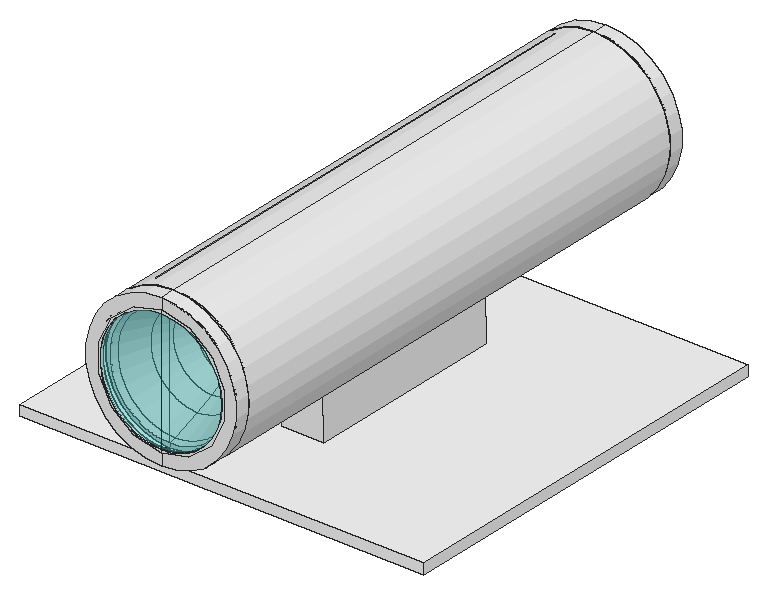
Revit family "BE_24009_de_DE", category Leuchten, Revit 2020
Family settings
  Basisbauteil = Fläche
  Bemaßung runder Anschluss = Durchmesser verwenden
  Teiletyp = Normal
  Beim Laden mit Abzugskörper schneiden = Ja
  Lichtquelle = Ja
  Gemeinsam genutzt = Nein
  Raumberechnungspunkt = Ja
Parameters (values of type "BEGA_24009_Weiß_K4")
  built-in parameter 1150104 = 14.316 (stored number, unit not read)
  Wattage = 36.2 W
  Default Elevation = 0 mm
  built-in parameter 1150113 = 1 (stored number, unit not read)
  built-in parameter 1114218 = 1 (stored number, unit not read)
  Umgebungstemperatur = "25 °C"
  URL = "https://www.bega.com/de/produkt/24009"
  Typenkommentare = "© 2022 BEGA. Wir behalten uns das Recht vor, technische Änderungen ohne vorherige Ankündigung vorzunehmen."  # constant formula
  Type Image = 24009.png
  built-in parameter 1150134 = 12
  built-in parameter 1150109 = 1 (stored number, unit not read)
  Strom = ""
  built-in parameter 1150110 = 1 (stored number, unit not read)
  Spannung = 239.996 V
  Sonderanfertigung = no
  Seriennummer [instance] = "Hier können Sie die eindeutige Seriennummer für das Facility Management eintragen."
  Schutzklasse = "I"
  Schutzart = "IP 65"
  Scheinlast = 0 VA
  Produktdatenblatt = "https://cdn.bega.com/bega/products/24009WK3/current/documents/data-sheets/de"
  Oberflächentemperatur = ""
  Neigungswinkel = 0.00°
  Modell = "24009WK4"
  Material_17 = BEGA_Reflektor
  Material_15 = BEGA_Leuchtmedium_matt
  Material_11 = BEGA_Glas_opal
  Material_09 = BEGA_Glas_klar
  Material_06 = BEGA_Oberfläche_Edelstahl_gebürstet
  Material_03 = BEGA_Oberfläche_Weiss_matt
  Material_02 = BEGA_Oberfläche_Silber_matt
  Material_01 [instance] = BEGA_Oberfläche_Grafit_matt
  M_W = yes
  M_G = no
  M_A = no
  Logo = 0
  built-in parameter 1114217 = 1 (stored number, unit not read)
  built-in parameter 1150139 = (empty or 0)
  built-in parameter 1150105 = 443.92 (stored number, unit not read)
  built-in parameter 1150114 = 1 (stored number, unit not read)
  Lumens = 5578.42 lm
  built-in parameter 1150115 = 1 (stored number, unit not read)
  Leuchtenlichtstrom = "3528 lm"
  Leuchtenanzahl = ""
  Lebensdauerkriterien = "L70B50 @ 25 °C = 170000 h"
  Lastklassifizierung = Beleuchtung
  built-in parameter 1150112 = 1 (stored number, unit not read)
  Lampenlichtstrom = "5580 lm"
  Lampe = "LED 36.2 W"
  LED_Modulbezeichnung = "2x LED-0814/840"
  built-in parameter 1150142 = (empty or 0)
  Hersteller = "BEGA"  # constant formula
  Halbstreuwinkel = ""
  Gewicht = "5.2 kg"
  Gebrauchslageneinschränkung [instance] = ""
  Frequenz = "0/50-60 Hz"
  Farbwiedergabeindex = "CRI > 80"
  Farbtemperaturverschiebung bei Dämpfen der Lampe = <Keine Auswahl>
  Farbtemperatur = "4000 K"
  Color Filter = 16777215
  built-in parameter 1150133 = 10 (stored number, unit not read)
  Energieeffizienzklasse = "LED A++ - A"
  built-in parameter 1150137 = (empty or 0)
  built-in parameter 1150132 = (empty or 0)
  ENEC = "ja"
  Dimmbar [instance] = "DALI"
  Datei für fotometrisches Netz = "BE_24009K4.IES"
  CE_Konformität = "ja"
  Bestellnummer = "24009WK4"
  Beschreibung_Sonderanfertigung = "Hier können Sie Informationen zur Sonderanfertigung eintragen."
  Beschreibung = "Wandleuchte"
  built-in parameter 1150106 = 4.4392 (stored number, unit not read)
  Befestigungsbohrung = "Ø 4,3 mm"
  Befestigungsabstand = "160 x 14 mm"
  Ballwurfsicher = ""
  BEGA_Intern_aus = yes
  BEGA_Intern_an = yes
  BEGA_Intern_Konstruktion = yes
  BEGA_Intern = yes
  BEGA_IES = yes
  BEGA_Dummy = no
  Anschlussleitung = ""
  Anschlussleistung [instance] = "40 W"
  Anschlusskasten = ""
  built-in parameter 1150107 = 4000 (stored number, unit not read)
  built-in parameter 1150102 = (empty or 0)
  built-in parameter 1150138 = (empty or 0)
  Aktualisierung = "2022-05-18T04:00:07"
  Abstand_zur_angestrahlten_Fläche [instance] = ""
  AC/DC = "AC/DC"
Types (6, lengths in mm): name | built-in parameter 1150104 | built-in parameter 1150134 | Modell | M_W | M_G | M_A | built-in parameter 1150105 | Lumens | Leuchtenlichtstrom | Lampenlichtstrom | LED_Modulbezeichnung | Farbtemperatur | Datei für fotometrisches Netz | Bestellnummer | built-in parameter 1150106 | built-in parameter 1150107
  BEGA_24009_Weiß_K3 | 13.397 (stored number, unit not read) | (empty or 0) | "24009WK3" | yes | no | no | 415.4 (stored number, unit not read) | 5220.04 lm | "3300 lm" | "5220 lm" | "2x LED-0814/830" | "3000 K" | "BE_24009K3.IES" | "24009WK3" | 4.154 (stored number, unit not read) | 3000 (stored number, unit not read)
  BEGA_24009_Grafit_K4 | 14.316 (stored number, unit not read) | 12 | "24009K4" | no | yes | no | 443.92 (stored number, unit not read) | 5578.42 lm | "3528 lm" | "5580 lm" | "2x LED-0814/840" | "4000 K" | "BE_24009K4.IES" | "24009K4" | 4.4392 (stored number, unit not read) | 4000 (stored number, unit not read)
  BEGA_24009_Silber_K4 | 14.316 (stored number, unit not read) | 12 | "24009AK4" | no | no | yes | 443.92 (stored number, unit not read) | 5578.42 lm | "3528 lm" | "5580 lm" | "2x LED-0814/840" | "4000 K" | "BE_24009K4.IES" | "24009AK4" | 4.4392 (stored number, unit not read) | 4000 (stored number, unit not read)
  BEGA_24009_Silber_K3 | 13.397 (stored number, unit not read) | (empty or 0) | "24009AK3" | no | no | yes | 415.4 (stored number, unit not read) | 5220.04 lm | "3300 lm" | "5220 lm" | "2x LED-0814/830" | "3000 K" | "BE_24009K3.IES" | "24009AK3" | 4.154 (stored number, unit not read) | 3000 (stored number, unit not read)
  BEGA_24009_Grafit_K3 | 13.397 (stored number, unit not read) | (empty or 0) | "24009K3" | no | yes | no | 415.4 (stored number, unit not read) | 5220.04 lm | "3300 lm" | "5220 lm" | "2x LED-0814/830" | "3000 K" | "BE_24009K3.IES" | "24009K3" | 4.154 (stored number, unit not read) | 3000 (stored number, unit not read)
  BEGA_24009_Weiß_K4 | 14.316 (stored number, unit not read) | 12 | "24009WK4" | yes | no | no | 443.92 (stored number, unit not read) | 5578.42 lm | "3528 lm" | "5580 lm" | "2x LED-0814/840" | "4000 K" | "BE_24009K4.IES" | "24009WK4" | 4.4392 (stored number, unit not read) | 4000 (stored number, unit not read)
Reference planes
  plane 1 "Mitte (Vorne/Hinten)": y = 0
  plane 2: z = 0
  plane 3 "Mitte (Links/Rechts)": x = 0
  plane 4 "Links": x = -75
  plane 5 "Rechts": x = 75
  plane 6 "Unten": y = -275
  plane 7 "Oben": y = 275
  plane 8 "Vorne": z = 198.501
  plane 9 "Hinten": z = 0
Forms (mm)
  Extrusion 1, solid, material "BEGA_Platte_Weiss"
    sketch origin (0, -1119.2, 0) x (1, 0, 0) y (0, 1, 0)
      loop
        line (-200, 1319.2) -> (-200, 919.2) -> (200, 919.2) -> (200, 1319.2) -> (-200, 1319.2)
    from 0 to -10
  Extrusion 2, solid, material "BEGA_Dummy_matt", visible <- "BEGA_Dummy"
    sketch origin (80.095, -76.023, 0) x (1, 0, 0) y (0, 1, 0)
      loop
        line (-155.095, 351.023) -> (-155.095, -198.977) -> (-5.095, -198.977) -> (-5.095, 351.023) -> (-155.095, 351.023)
    from 0 to 198.501
Dimensions and locks
  plane 1 "Mitte (Vorne/Hinten)" to Extrusion 1 = 200 mm
  aligned and locked: plane 2 to Extrusion 1
  aligned and locked: level to Extrusion 1
Nested families
  nested 1: "BE_24009_Wandleuchte" at (0, 0, 0), type "BE_24009_Wandleuchte"
    with Neigungswinkel_um_Y2 0.00°, Neigungswinkel_um_Y1 0.00°, Neigungswinkel_um_X2 0.00°, Neigungswinkel_um_X1 0.00°, Drehwinkel_um_Z2 0.00°, Drehwinkel_um_Z1 0.00°, BEGA_Neigng_Y2 0.00°, BEGA_Neigng_Y1 0.00°, BEGA_Neigng_X2 0.00°, BEGA_Neigng_X1 0.00°, BEGA_Infotext_Winkel no
Connectors
  electrical at (0, 0, 0), driven by "Lastklassifizierung", driven by "Spannung", driven by "Scheinlast"
    settings: index 1, voltage 239.996 V, apparent load 0 VA, apparent load phase1 0 VA, apparent load phase2 0 VA, apparent load phase3 0 VA, power factor 1, load classification "Beleuchtung", number of poles 1, system type 31, power factor state 1, is connector primary yes, connector utility no, sub classification motor no, connector description ""
Definition of nested family "BE_24009_Wandleuchte"
  Parameters (values of type "BE_24009_Wandleuchte")
    Material_03 = none
    Material_02 = none
    M_W = yes
    M_G = yes
    M_A = yes
    Default Elevation = 1 mm
    URL = "http://www.bega.de/de/produkt"
    Type Comments = "© 2015 BEGA. Wir behalten uns das Recht vor, technische Änderungen ohne vorherige Ankündigung vorzunehmen. "  # constant formula
    Type Image = element 69302
    Neigungswinkel_um_Y2 [instance] = 0.00°
    Neigungswinkel_um_Y1 [instance] = 0.00°
    Neigungswinkel_um_X2 [instance] = 0.00°
    Neigungswinkel_um_X1 [instance] = 0.00°
    Material_17 = none
    Material_15 = none
    Material_09 = none
    Material_01 = none
    Länge_Platte = 200 mm  # constant formula
    Höhe_Platte = -10 mm  # constant formula
    Manufacturer = "BEGA"  # constant formula
    Drehwinkel_um_Z2 [instance] = 0.00°
    Drehwinkel_um_Z1 [instance] = 0.00°
    Breite_Platte = 200 mm  # constant formula
    BEGA_Neigng_Y2 [instance] = if(Neigungswinkel_um_Y2 < -30.00°, -30.00°, if(Neigungswinkel_um_Y2 > 30.00°, 30.00°, Neigungswinkel_um_Y2))  # 0.00°
    BEGA_Neigng_Y1 [instance] = if(Neigungswinkel_um_X2 < -30.00°, -30.00°, if(Neigungswinkel_um_X2 > 30.00°, 30.00°, Neigungswinkel_um_X2))  # 0.00°
    BEGA_Neigng_X2 [instance] = if(Neigungswinkel_um_Y1 < -30.00°, -30.00°, if(Neigungswinkel_um_Y1 > 30.00°, 30.00°, Neigungswinkel_um_Y1))  # 0.00°
    BEGA_Neigng_X1 [instance] = if(Neigungswinkel_um_X1 < -30.00°, -30.00°, if(Neigungswinkel_um_X1 > 30.00°, 30.00°, Neigungswinkel_um_X1))  # 0.00°
    BEGA_Infotext_Winkel [instance] = if(or(Neigungswinkel_um_X1 < -30.00°, Neigungswinkel_um_X1 > 30.00°, Neigungswinkel_um_X2 < -30.00°, Neigungswinkel_um_X2 > 30.00°, Neigungswinkel_um_Y1 < -30.00°, Neigungswinkel_um_Y1 > 30.00°, Neigungswinkel_um_Y2 < -30.00°, Neigungswinkel_um_Y2 > 30.00°), 1 < 2, 1 > 2)  # no
    Aktualisierung = "Stand: 25.03.2015"  # constant formula
  Reference planes
    plane 1 "Mitte (Vorne/Hinten)": y = 0
    plane 2: z = 0
    plane 3 "Mitte (Links/Rechts)": x = 0
    plane 4 "Befestigung Links": x = -75
    plane 5 "Befestigung Rechts": x = 75
    plane 6: z = 198.501
    plane 7: y = 275
    plane 8: y = -275
  Forms (mm)
    Extrusion 1, solid, detail levels medium
      sketch origin (0, 0, 0) x (1, 0, 0) y (0, 1, 0)
        loop
          line (-100, 100) -> (-100, -100) -> (100, -100) -> (100, 100) -> (-100, 100)
      from 0 to -10 <- "Höhe_Platte"
    Extrusion 2, solid, material <- "Material_01", visible <- "M_G", detail levels medium+fine
      sketch origin (0, 0, 0) x (1, 0, 0) y (0, 0, 1)
        loop
          line (20.847, 0) -> (20, 48.5) -> (17.678, 50.822)
          arc (17.678, 50.822) -> (16.556, 49.768) -> (15.372, 48.785) r 25
          arc (15.372, 48.785) -> (0.121, 43.5) -> (-15.18, 48.636) r 25
          arc (-15.18, 48.636) -> (-16.465, 49.688) -> (-17.678, 50.822) r 25
          line (-17.678, 50.822) -> (-20, 48.5) -> (-20.847, 0) -> (20.847, 0)
      from -100 to 100
    Extrusion 3, void
      sketch origin (0, 0, 0) x (1, 0, 0) y (0, 1, 0)
        loop
          line (-15.384, 71.433) -> (-15.384, -71.433) -> (15.384, -71.433) -> (15.384, 71.433) -> (-15.384, 71.433)
      from 0 to 11.465
    Extrusion 4, void
      sketch origin (0, 0, 0) x (0, 1, 0) y (0, 0, 1)
        loop
          line (87.516, 43) -> (-87.53, 43) -> (-86.5, 13.501) -> (86.501, 13.501) -> (87.516, 43)
      from -13.32 to 13.455
    Extrusion 5, void
      sketch origin (0, 0, 0) x (1, 0, 0) y (0, 1, 0)
        loop
          circle (7, -80) r 2.65
        loop
          circle (-7, 80) r 2.65
      from 0 to 13.5
    Extrusion 6, void
      sketch origin (0, 0, 0) x (1, 0, 0) y (0, 1, 0)
        loop
          circle (-7, 80) r 5.5
        loop
          circle (7, -80) r 5.5
      from 3.965 to 13.5
    Extrusion 7, void
      sketch origin (0, 0, 0) x (1, 0, 0) y (0, 1, 0)
        loop
          circle (0, 57.191) r 8.5
        loop
          circle (0, 24) r 8.5
      from 11.465 to 13.5
    Revolve 8, solid, material <- "Material_09", detail levels medium+fine
      sketch origin (0, 0, 0) x (0, 1, 0) y (0, 0, 1)
        loop
          line (275, 183.75) -> (271.6, 183.75)
          arc (271.6, 183.75) -> (270.893, 184.043) -> (270.6, 184.75) r 1
          line (270.6, 184.75) -> (270.6, 186.5) -> (265, 186.5) -> (265, 123.5) -> (275, 123.5) -> (275, 183.75)
        axis (265, 123.5) -> (275, 123.5)
      angle from 0 to 360
    Revolve 9, solid, material <- "Material_09", detail levels medium+fine
      sketch origin (0, 0, 0) x (0, -1, 0) y (0, 0, 1)
        loop
          line (275, 183.75) -> (271.6, 183.75)
          arc (271.6, 183.75) -> (270.893, 184.043) -> (270.6, 184.75) r 1
          line (270.6, 184.75) -> (270.6, 186.5) -> (265, 186.5) -> (265, 123.5) -> (275, 123.5) -> (275, 183.75)
        axis (265, 123.5) -> (275, 123.5)
      angle from 0 to 360
    Revolve 10, solid, material <- "Material_17", detail levels medium+fine
      sketch origin (0, 0, 0) x (0, 1, 0) y (0, 0, 1)
        loop
          line (265, 186) -> (264.049, 186) -> (264.049, 182.473) -> (260.255, 181.254) -> (256.361, 179.975) -> (252.273, 178.601)
          arc (252.273, 178.601) -> (242.585, 175.21) -> (232.984, 171.58) r 415.451
          arc (232.984, 171.58) -> (223.952, 167.893) -> (215.025, 163.957) r 352.808
          arc (215.025, 163.957) -> (207.113, 160.105) -> (199.394, 155.877) r 183.326
          arc (199.394, 155.877) -> (192.689, 151.678) -> (186.287, 147.03) r 115.244
          line (186.287, 147.03) -> (184.433, 145.509) -> (183.295, 132.5) -> (184.287, 132.5) -> (185.441, 145.689) -> (186.279, 146.38)
          arc (186.279, 146.38) -> (190.512, 149.635) -> (194.96, 152.59) r 77.455
          arc (194.96, 152.59) -> (203.676, 157.658) -> (212.638, 162.279) r 199.056
          arc (212.638, 162.279) -> (221.523, 166.362) -> (230.564, 170.089) r 245.73
          arc (230.564, 170.089) -> (244.47, 175.299) -> (258.504, 180.156) r 587.618
          arc (258.504, 180.156) -> (261.749, 181.212) -> (265, 182.25) r 642.587
          line (265, 182.25) -> (265, 186)
        axis (183.295, 123.5) -> (265, 123.5)
      angle from 0 to 360
    Revolve 11, solid, material <- "Material_17", detail levels medium+fine
      sketch origin (0, 0, 0) x (0, -1, 0) y (0, 0, 1)
        loop
          line (265, 186) -> (264.049, 186) -> (264.049, 182.473) -> (260.255, 181.254) -> (256.361, 179.975) -> (252.273, 178.601)
          arc (252.273, 178.601) -> (242.585, 175.21) -> (232.984, 171.58) r 415.451
          arc (232.984, 171.58) -> (223.952, 167.893) -> (215.025, 163.957) r 352.808
          arc (215.025, 163.957) -> (207.113, 160.105) -> (199.394, 155.877) r 183.326
          arc (199.394, 155.877) -> (192.689, 151.678) -> (186.287, 147.03) r 115.244
          line (186.287, 147.03) -> (184.433, 145.509) -> (183.295, 132.5) -> (184.287, 132.5) -> (185.441, 145.689) -> (186.279, 146.38)
          arc (186.279, 146.38) -> (190.512, 149.635) -> (194.96, 152.59) r 77.455
          arc (194.96, 152.59) -> (203.676, 157.658) -> (212.638, 162.279) r 199.056
          arc (212.638, 162.279) -> (221.523, 166.362) -> (230.564, 170.089) r 245.73
          arc (230.564, 170.089) -> (244.47, 175.299) -> (258.504, 180.156) r 587.618
          arc (258.504, 180.156) -> (261.749, 181.212) -> (265, 182.25) r 642.587
          line (265, 182.25) -> (265, 186)
        axis (183.295, 123.5) -> (265, 123.5)
      angle from 0 to 360
    Revolve 12, solid, material <- "Material_15", detail levels medium+fine
      sketch origin (0, 0, 0) x (0, 1, 0) y (0, 0, 1)
        loop
          line (184.287, 123.5) -> (184.287, 132.5) -> (183.295, 132.5) -> (183.295, 123.5) -> (184.287, 123.5)
        axis (183.295, 123.5) -> (184.295, 123.5)
      angle from 0 to 360
    Revolve 13, solid, material <- "Material_15", detail levels medium+fine
      sketch origin (0, 0, 0) x (0, -1, 0) y (0, 0, 1)
        loop
          line (184.287, 123.5) -> (184.287, 132.5) -> (183.295, 132.5) -> (183.295, 123.5) -> (184.287, 123.5)
        axis (183.295, 123.5) -> (184.295, 123.5)
      angle from 0 to 360
    Revolve 14, solid, material <- "Material_01", visible <- "M_G", detail levels medium+fine
      sketch origin (0, 0, 0) x (0, 1, 0) y (0, 0, 1)
        loop
          line (275, 198.256) -> (261, 198.5) -> (261, 196.8) -> (263, 196.765) -> (263, 194.922) -> (270, 194.8) -> (270, 188.535) -> (272, 188.5) -> (272, 184.262) -> (275, 184) -> (275, 186.8) -> (275, 198.256)
        axis (261, 123.5) -> (275, 123.5)
      angle from 0 to 360
    Revolve 15, solid, material <- "Material_01", visible <- "M_G", detail levels medium+fine
      sketch origin (0, 0, 0) x (0, -1, 0) y (0, 0, 1)
        loop
          line (275, 198.256) -> (261, 198.5) -> (261, 196.8) -> (263, 196.765) -> (263, 194.922) -> (270, 194.8) -> (270, 188.535) -> (272, 188.5) -> (272, 184.262) -> (275, 184) -> (275, 186.8) -> (275, 198.256)
        axis (261, 123.5) -> (275, 123.5)
      angle from 0 to 360
    Revolve 16, solid, material <- "Material_01", visible <- "M_G", detail levels medium+fine
      sketch origin (0, 0, 0) x (0, 1, 0) y (0, 0, 1)
        loop
          line (-259.5, 198.5) -> (-259.5, 196.25) -> (-263, 196.25) -> (-263, 194.5) -> (263, 194.5) -> (263, 196.25) -> (259.5, 196.25) -> (259.5, 198.5) -> (-259.5, 198.5)
        axis (-263, 123.5) -> (263, 123.5)
      angle from 0 to 360
    Extrusion 17, solid, material <- "Material_02", visible <- "M_A", detail levels medium+fine
      sketch origin (0, 0, 0) x (1, 0, 0) y (0, 0, 1)
        loop
          line (20.847, 0) -> (20, 48.5) -> (17.678, 50.822)
          arc (17.678, 50.822) -> (16.556, 49.768) -> (15.372, 48.785) r 25
          arc (15.372, 48.785) -> (0.121, 43.5) -> (-15.18, 48.636) r 25
          arc (-15.18, 48.636) -> (-16.465, 49.688) -> (-17.678, 50.822) r 25
          line (-17.678, 50.822) -> (-20, 48.5) -> (-20.847, 0) -> (20.847, 0)
      from -100 to 100
    Revolve 18, solid, material <- "Material_02", visible <- "M_A", detail levels medium+fine
      sketch origin (0, 0, 0) x (0, 1, 0) y (0, 0, 1)
        loop
          line (275, 198.256) -> (261, 198.5) -> (261, 196.8) -> (263, 196.765) -> (263, 194.922) -> (270, 194.8) -> (270, 188.535) -> (272, 188.5) -> (272, 184.262) -> (275, 184) -> (275, 186.8) -> (275, 198.256)
        axis (261, 123.5) -> (275, 123.5)
      angle from 0 to 360
    Revolve 19, solid, material <- "Material_02", visible <- "M_A", detail levels medium+fine
      sketch origin (0, 0, 0) x (0, -1, 0) y (0, 0, 1)
        loop
          line (275, 198.256) -> (261, 198.5) -> (261, 196.8) -> (263, 196.765) -> (263, 194.922) -> (270, 194.8) -> (270, 188.535) -> (272, 188.5) -> (272, 184.262) -> (275, 184) -> (275, 186.8) -> (275, 198.256)
        axis (261, 123.5) -> (275, 123.5)
      angle from 0 to 360
    Revolve 20, solid, material <- "Material_02", visible <- "M_A", detail levels medium+fine
      sketch origin (0, 0, 0) x (0, 1, 0) y (0, 0, 1)
        loop
          line (-259.5, 198.5) -> (-259.5, 196.25) -> (-263, 196.25) -> (-263, 194.5) -> (263, 194.5) -> (263, 196.25) -> (259.5, 196.25) -> (259.5, 198.5) -> (-259.5, 198.5)
        axis (-263, 123.5) -> (263, 123.5)
      angle from 0 to 360
    Extrusion 21, solid, material <- "Material_03", visible <- "M_W", detail levels medium+fine
      sketch origin (0, 0, 0) x (1, 0, 0) y (0, 0, 1)
        loop
          line (20.847, 0) -> (20, 48.5) -> (17.678, 50.822)
          arc (17.678, 50.822) -> (16.556, 49.768) -> (15.372, 48.785) r 25
          arc (15.372, 48.785) -> (0.121, 43.5) -> (-15.18, 48.636) r 25
          arc (-15.18, 48.636) -> (-16.465, 49.688) -> (-17.678, 50.822) r 25
          line (-17.678, 50.822) -> (-20, 48.5) -> (-20.847, 0) -> (20.847, 0)
      from -100 to 100
    Revolve 22, solid, material <- "Material_03", visible <- "M_W", detail levels medium+fine
      sketch origin (0, 0, 0) x (0, 1, 0) y (0, 0, 1)
        loop
          line (275, 198.256) -> (261, 198.5) -> (261, 196.8) -> (263, 196.765) -> (263, 194.922) -> (270, 194.8) -> (270, 188.535) -> (272, 188.5) -> (272, 184.262) -> (275, 184) -> (275, 186.8) -> (275, 198.256)
        axis (261, 123.5) -> (275, 123.5)
      angle from 0 to 360
    Revolve 23, solid, material <- "Material_03", visible <- "M_W", detail levels medium+fine
      sketch origin (0, 0, 0) x (0, -1, 0) y (0, 0, 1)
        loop
          line (275, 198.256) -> (261, 198.5) -> (261, 196.8) -> (263, 196.765) -> (263, 194.922) -> (270, 194.8) -> (270, 188.535) -> (272, 188.5) -> (272, 184.262) -> (275, 184) -> (275, 186.8) -> (275, 198.256)
        axis (261, 123.5) -> (275, 123.5)
      angle from 0 to 360
    Revolve 24, solid, material <- "Material_03", visible <- "M_W", detail levels medium+fine
      sketch origin (0, 0, 0) x (0, 1, 0) y (0, 0, 1)
        loop
          line (-259.5, 198.5) -> (-259.5, 196.25) -> (-263, 196.25) -> (-263, 194.5) -> (263, 194.5) -> (263, 196.25) -> (259.5, 196.25) -> (259.5, 198.5) -> (-259.5, 198.5)
        axis (-263, 123.5) -> (263, 123.5)
      angle from 0 to 360
  Cuts and joins
    Extrusion 3, Extrusion 4, Extrusion 5, Extrusion 6, Extrusion 7 cuts Extrusion 2
    joined: Revolve 14, Revolve 15
    joined: Revolve 10, Revolve 11
    joined: Revolve 8, Revolve 9
    joined: Revolve 12, Revolve 13
    Extrusion 3, Extrusion 5 cuts Extrusion 17
    Extrusion 3, Extrusion 5 cuts Extrusion 21
  Dimensions and locks
    equal spacing: Extrusion 1 sketch curve, plane 3 "Mitte (Links/Rechts)", Extrusion 1 sketch curve
    equal spacing: Extrusion 1 sketch curve, plane 1 "Mitte (Vorne/Hinten)", Extrusion 1 sketch curve
    "Länge_Platte": Extrusion 1 sketch curve to Extrusion 1 sketch curve
    "Breite_Platte": Extrusion 1 sketch curve to Extrusion 1 sketch curve
    plane 1 "Mitte (Vorne/Hinten)" to Extrusion 1 = 100 mm  (x3)
    aligned and locked: Extrusion 1 to plane 2
    aligned and locked: Extrusion 1 to level
  Automatic sketch dimensions
    Extrusion 2 sketch curve to Extrusion 2 sketch curve = 0 mm  (x7)
    Extrusion 2 sketch curve to level = 0 mm
    Extrusion 2 sketch curve to plane 3 "Mitte (Links/Rechts)" = 0 mm
    Extrusion 2 sketch curve to plane 3 "Mitte (Links/Rechts)" = 17.678 mm
    Extrusion 2 sketch curve to Extrusion 2 sketch curve = 2.322 mm  (x3)
    Extrusion 2 sketch curve to plane 3 "Mitte (Links/Rechts)" = 20.847 mm
    plane 3 "Mitte (Links/Rechts)" to Extrusion 2 sketch curve = 17.678 mm
    plane 3 "Mitte (Links/Rechts)" to Extrusion 2 sketch curve = 20.847 mm
    level to Extrusion 2 sketch curve = 48.5 mm
    Extrusion 2 sketch curve to Extrusion 2 sketch curve = 17.678 mm
    Extrusion 2 sketch curve to Extrusion 2 sketch curve = 2.498 mm
    Extrusion 2 sketch curve to Extrusion 2 sketch curve = 2.306 mm
    Extrusion 3 sketch curve to plane 3 "Mitte (Links/Rechts)" = 15.384 mm
    plane 3 "Mitte (Links/Rechts)" to Extrusion 3 sketch curve = 15.384 mm
    plane 1 "Mitte (Vorne/Hinten)" to Extrusion 3 sketch curve = 71.433 mm
    Extrusion 3 sketch curve to plane 1 "Mitte (Vorne/Hinten)" = 71.433 mm
    level to Extrusion 4 sketch curve = 13.501 mm
    Extrusion 4 sketch curve to Extrusion 4 sketch curve = 1.03 mm
    Extrusion 4 sketch curve to Extrusion 4 sketch curve = 1.014 mm
    Extrusion 4 sketch curve to Extrusion 4 sketch curve = 29.499 mm
    Extrusion 5 sketch curve to plane 3 "Mitte (Links/Rechts)" = 7 mm
    plane 3 "Mitte (Links/Rechts)" to Extrusion 5 sketch curve = 7 mm
    Extrusion 6 sketch curve to plane 3 "Mitte (Links/Rechts)" = 7 mm
    plane 3 "Mitte (Links/Rechts)" to Extrusion 6 sketch curve = 7 mm
    Extrusion 7 sketch curve to plane 3 "Mitte (Links/Rechts)" = 0 mm  (x2)
    Extrusion 7 sketch curve to plane 1 "Mitte (Vorne/Hinten)" = 24 mm
    Extrusion 7 sketch curve to Extrusion 7 sketch curve = 33.19 mm
    Revolve 8 sketch curve to Revolve 8 sketch curve = 5.6 mm
    Revolve 8 sketch curve to Revolve 8 sketch curve = 1 mm
    Revolve 8 sketch curve to Revolve 8 sketch curve = 10 mm
    Revolve 8 sketch curve to Revolve 8 sketch curve = 1.75 mm
    Revolve 8 sketch curve to Revolve 8 sketch curve = 12.5 mm
    Revolve 8 sketch curve to Revolve 8 sketch curve = 0 mm
    Revolve 9 sketch curve to Revolve 9 sketch curve = 5.6 mm
    Revolve 9 sketch curve to Revolve 9 sketch curve = 1 mm
    Revolve 9 sketch curve to Revolve 9 sketch curve = 10 mm
    Revolve 9 sketch curve to Revolve 9 sketch curve = 1.75 mm
    Revolve 9 sketch curve to Revolve 9 sketch curve = 12.5 mm
    Revolve 9 sketch curve to Revolve 9 sketch curve = 0 mm
    Revolve 10 sketch curve to Revolve 10 sketch curve = 0.992 mm
    Revolve 10 sketch curve to Revolve 10 sketch curve = 0.146 mm
    Revolve 10 sketch curve to Revolve 10 sketch curve = 1.008 mm
    Revolve 10 sketch curve to Revolve 10 sketch curve = 0.838 mm
    Revolve 10 sketch curve to Revolve 10 sketch curve = 0.008 mm
    Revolve 10 sketch curve to Revolve 10 sketch curve = 4.089 mm
    Revolve 10 sketch curve to Revolve 10 sketch curve = 21.588 mm
    Revolve 10 sketch curve to Revolve 10 sketch curve = 3.893 mm
    Revolve 10 sketch curve to Revolve 10 sketch curve = 3.794 mm
    Revolve 10 sketch curve to Revolve 10 sketch curve = 0.951 mm
    Revolve 10 sketch curve to level = 2.75 mm
    Revolve 10 sketch curve to Revolve 10 sketch curve = 34.129 mm
    Revolve 10 sketch curve to Revolve 10 sketch curve = 8.05 mm
    Revolve 10 sketch curve to Revolve 10 sketch curve = 20.331 mm
    Revolve 10 sketch curve to Revolve 10 sketch curve = 42.129 mm
    Revolve 10 sketch curve to Revolve 10 sketch curve = 22.873 mm
    Revolve 10 sketch curve to Revolve 10 sketch curve = 58.981 mm
    Revolve 10 sketch curve to Revolve 10 sketch curve = 15.209 mm
    Revolve 10 sketch curve to Revolve 10 sketch curve = 58.318 mm
    Revolve 10 sketch curve to Revolve 10 sketch curve = 162.342 mm
    Revolve 10 sketch curve to Revolve 10 sketch curve = 52.866 mm
    Revolve 10 sketch curve to Revolve 10 sketch curve = 14.15 mm
    level to Revolve 10 sketch curve = 56.159 mm
    Revolve 10 sketch curve to Revolve 10 sketch curve = 30.48 mm
    Revolve 10 sketch curve to Revolve 10 sketch curve = 39.08 mm
    Revolve 10 sketch curve to Revolve 10 sketch curve = 13.009 mm
    Revolve 10 sketch curve to Revolve 10 sketch curve = 0.18 mm
    Revolve 10 sketch curve to Revolve 10 sketch curve = 0.691 mm
    Revolve 10 sketch curve to Revolve 10 sketch curve = 0.649 mm
    Revolve 10 sketch curve to Revolve 10 sketch curve = 0.996 mm
    Revolve 10 sketch curve to Revolve 10 sketch curve = 0.223 mm
    Revolve 10 sketch curve to Revolve 10 sketch curve = 3.527 mm
    Revolve 10 sketch curve to Revolve 10 sketch curve = 0 mm  (x5)
    Revolve 10 sketch curve to Revolve 10 sketch curve = 16.923 mm
    Revolve 11 sketch curve to Revolve 11 sketch curve = 0.992 mm
    Revolve 11 sketch curve to Revolve 11 sketch curve = 0.146 mm
    Revolve 11 sketch curve to Revolve 11 sketch curve = 1.008 mm
    Revolve 11 sketch curve to Revolve 11 sketch curve = 0.838 mm
    Revolve 11 sketch curve to Revolve 11 sketch curve = 0.008 mm
    Revolve 11 sketch curve to Revolve 11 sketch curve = 4.089 mm
    Revolve 11 sketch curve to Revolve 11 sketch curve = 21.588 mm
    Revolve 11 sketch curve to Revolve 11 sketch curve = 3.893 mm
    Revolve 11 sketch curve to Revolve 11 sketch curve = 3.794 mm
    Revolve 11 sketch curve to Revolve 11 sketch curve = 0.951 mm
    level to Revolve 11 sketch curve = 2.75 mm
    Revolve 11 sketch curve to Revolve 11 sketch curve = 34.129 mm
    Revolve 11 sketch curve to Revolve 11 sketch curve = 8.05 mm
    Revolve 11 sketch curve to Revolve 11 sketch curve = 20.331 mm
    Revolve 11 sketch curve to Revolve 11 sketch curve = 42.129 mm
    Revolve 11 sketch curve to Revolve 11 sketch curve = 22.873 mm
    Revolve 11 sketch curve to Revolve 11 sketch curve = 58.981 mm
    Revolve 11 sketch curve to Revolve 11 sketch curve = 15.209 mm
    Revolve 11 sketch curve to Revolve 11 sketch curve = 58.318 mm
    Revolve 11 sketch curve to Revolve 11 sketch curve = 162.342 mm
    Revolve 11 sketch curve to Revolve 11 sketch curve = 52.866 mm
    Revolve 11 sketch curve to Revolve 11 sketch curve = 14.15 mm
    Revolve 11 sketch curve to level = 56.159 mm
    Revolve 11 sketch curve to Revolve 11 sketch curve = 30.48 mm
    Revolve 11 sketch curve to Revolve 11 sketch curve = 39.08 mm
    Revolve 11 sketch curve to Revolve 11 sketch curve = 13.009 mm
    Revolve 11 sketch curve to Revolve 11 sketch curve = 0.18 mm
    Revolve 11 sketch curve to Revolve 11 sketch curve = 0.691 mm
    Revolve 11 sketch curve to Revolve 11 sketch curve = 0.649 mm
    Revolve 11 sketch curve to Revolve 11 sketch curve = 0.996 mm
    Revolve 11 sketch curve to Revolve 11 sketch curve = 0.223 mm
    Revolve 11 sketch curve to Revolve 11 sketch curve = 3.527 mm
    Revolve 11 sketch curve to Revolve 11 sketch curve = 0 mm  (x5)
    Revolve 11 sketch curve to Revolve 11 sketch curve = 16.923 mm
    Revolve 12 sketch curve to Revolve 12 sketch curve = 0.992 mm
    Revolve 12 sketch curve to Revolve 12 sketch curve = 0 mm
    Revolve 12 sketch curve to Revolve 12 sketch curve = 9 mm
    Revolve 13 sketch curve to Revolve 13 sketch curve = 0.992 mm
    Revolve 13 sketch curve to Revolve 13 sketch curve = 9 mm
    Revolve 14 sketch curve to Revolve 14 sketch curve = 2 mm  (x2)
    Revolve 14 sketch curve to Revolve 14 sketch curve = 7 mm
    Revolve 14 sketch curve to Revolve 14 sketch curve = 3 mm
    Revolve 14 sketch curve to Revolve 14 sketch curve = 0.262 mm
    Revolve 14 sketch curve to Revolve 14 sketch curve = 2.8 mm
    Revolve 14 sketch curve to Revolve 14 sketch curve = 0.035 mm  (x2)
    Revolve 14 sketch curve to Revolve 14 sketch curve = 1.843 mm
    Revolve 15 sketch curve to Revolve 15 sketch curve = 2 mm  (x2)
    Revolve 15 sketch curve to Revolve 15 sketch curve = 7 mm
    Revolve 15 sketch curve to Revolve 15 sketch curve = 3 mm
    Revolve 15 sketch curve to Revolve 15 sketch curve = 0.262 mm
    Revolve 15 sketch curve to Revolve 15 sketch curve = 2.8 mm
    Revolve 15 sketch curve to Revolve 15 sketch curve = 0.035 mm  (x2)
    Revolve 15 sketch curve to Revolve 15 sketch curve = 1.843 mm
    Revolve 15 sketch curve to Revolve 15 sketch curve = 60.762 mm
    Revolve 16 sketch curve to Revolve 16 sketch curve = 519 mm
    Revolve 16 sketch curve to Revolve 16 sketch curve = 2.25 mm
    Revolve 16 sketch curve to Revolve 16 sketch curve = 3.5 mm  (x2)
    level to Revolve 8 sketch curve = 123.5 mm
    Revolve 8 sketch curve to Revolve 8 sketch curve = 60.25 mm
    Revolve 9 sketch curve to level = 123.5 mm
    Revolve 9 sketch curve to Revolve 9 sketch curve = 60.25 mm
    Revolve 10 sketch curve to Revolve 10 sketch curve = 45.86 mm
    Revolve 10 sketch curve to Revolve 10 sketch curve = 1.375 mm
    Revolve 10 sketch curve to Revolve 10 sketch curve = 1.278 mm
    Revolve 11 sketch curve to Revolve 11 sketch curve = 45.86 mm
    Revolve 11 sketch curve to Revolve 11 sketch curve = 1.375 mm
    Revolve 11 sketch curve to Revolve 11 sketch curve = 1.278 mm
    Revolve 11 sketch curve to level = 123.5 mm
    Revolve 13 sketch curve to level = 123.5 mm  (x2)
    Revolve 14 sketch curve to Revolve 14 sketch curve = 60.5 mm
    Revolve 14 sketch curve to Revolve 14 sketch curve = 1.7 mm  (x2)
    Revolve 14 sketch curve to Revolve 14 sketch curve = 6.265 mm
    Revolve 14 sketch curve to Revolve 14 sketch curve = 0.122 mm
    Revolve 14 sketch curve to Revolve 14 sketch curve = 3.456 mm
    Revolve 15 sketch curve to level = 184 mm
    Revolve 15 sketch curve to Revolve 15 sketch curve = 1.7 mm  (x2)
    Revolve 15 sketch curve to Revolve 15 sketch curve = 6.265 mm
    Revolve 15 sketch curve to Revolve 15 sketch curve = 0.122 mm
    Revolve 15 sketch curve to Revolve 15 sketch curve = 3.456 mm
    Revolve 16 sketch curve to Revolve 16 sketch curve = 71 mm
    Revolve 16 sketch curve to Revolve 16 sketch curve = 1.75 mm  (x2)
    Revolve 10 sketch curve to Revolve 10 sketch curve = 42.013 mm
    Revolve 10 sketch curve to Revolve 10 sketch curve = 97.956 mm
    Revolve 11 sketch curve to Revolve 11 sketch curve = 42.013 mm
    Revolve 11 sketch curve to Revolve 11 sketch curve = 97.956 mm
    Revolve 10 sketch curve to Revolve 10 sketch curve = 51.29 mm
    level to Revolve 10 sketch curve = 178.601 mm
    Revolve 12 sketch curve to Revolve 12 sketch curve = 68.213 mm
    Revolve 14 sketch curve to Revolve 14 sketch curve = 19.5 mm
    Revolve 16 sketch curve to Revolve 16 sketch curve = 10.5 mm  (x2)
    Extrusion 4 sketch curve to plane 1 "Mitte (Vorne/Hinten)" = 86.501 mm
    Extrusion 5 sketch curve to plane 1 "Mitte (Vorne/Hinten)" = 80 mm
    Extrusion 6 sketch curve to plane 1 "Mitte (Vorne/Hinten)" = 80 mm
    Revolve 8 sketch curve to plane 1 "Mitte (Vorne/Hinten)" = 265 mm
    plane 1 "Mitte (Vorne/Hinten)" to Revolve 9 sketch curve = 252.5 mm
    Revolve 10 sketch curve to plane 1 "Mitte (Vorne/Hinten)" = 183.295 mm
    plane 1 "Mitte (Vorne/Hinten)" to Revolve 11 sketch curve = 252.5 mm
    Revolve 12 sketch curve to plane 1 "Mitte (Vorne/Hinten)" = 183.295 mm
    plane 1 "Mitte (Vorne/Hinten)" to Revolve 13 sketch curve = 252.5 mm
    Revolve 14 sketch curve to plane 1 "Mitte (Vorne/Hinten)" = 261 mm
    plane 1 "Mitte (Vorne/Hinten)" to Revolve 15 sketch curve = 252.5 mm
    Revolve 11 sketch curve to Revolve 11 sketch curve = 51.29 mm
    Revolve 11 sketch curve to level = 178.601 mm
    Revolve 13 sketch curve to Revolve 13 sketch curve = 68.213 mm
    Revolve 15 sketch curve to Revolve 15 sketch curve = 19.5 mm
    plane 1 "Mitte (Vorne/Hinten)" to Extrusion 4 sketch curve = 86.5 mm
    plane 1 "Mitte (Vorne/Hinten)" to Extrusion 5 sketch curve = 80 mm
    plane 1 "Mitte (Vorne/Hinten)" to Extrusion 6 sketch curve = 80 mm
    plane 1 "Mitte (Vorne/Hinten)" to Revolve 8 sketch curve = 252.5 mm
    Revolve 9 sketch curve to plane 1 "Mitte (Vorne/Hinten)" = 265 mm
    plane 1 "Mitte (Vorne/Hinten)" to Revolve 10 sketch curve = 252.5 mm
    Revolve 11 sketch curve to plane 1 "Mitte (Vorne/Hinten)" = 183.295 mm
    plane 1 "Mitte (Vorne/Hinten)" to Revolve 12 sketch curve = 252.5 mm
    Revolve 13 sketch curve to plane 1 "Mitte (Vorne/Hinten)" = 183.295 mm
    plane 1 "Mitte (Vorne/Hinten)" to Revolve 14 sketch curve = 252.5 mm
    Revolve 15 sketch curve to plane 1 "Mitte (Vorne/Hinten)" = 261 mm
    plane 1 "Mitte (Vorne/Hinten)" to Revolve 16 sketch curve = 263 mm
    Revolve 10 sketch curve to plane 6 = 75.001 mm
    Revolve 12 sketch curve to plane 6 = 75.001 mm
    Revolve 14 sketch curve to plane 6 = 14.501 mm
    Revolve 16 sketch curve to plane 6 = 4.001 mm
    Extrusion 17 sketch curve to Extrusion 17 sketch curve = 0 mm  (x7)
    Extrusion 17 sketch curve to level = 0 mm
    Extrusion 17 sketch curve to plane 3 "Mitte (Links/Rechts)" = 0 mm
    Extrusion 17 sketch curve to plane 3 "Mitte (Links/Rechts)" = 17.678 mm
    Extrusion 17 sketch curve to Extrusion 17 sketch curve = 2.322 mm  (x3)
    Extrusion 17 sketch curve to plane 3 "Mitte (Links/Rechts)" = 20.847 mm
    plane 3 "Mitte (Links/Rechts)" to Extrusion 17 sketch curve = 17.678 mm
    plane 3 "Mitte (Links/Rechts)" to Extrusion 17 sketch curve = 20.847 mm
    level to Extrusion 17 sketch curve = 48.5 mm
    Extrusion 17 sketch curve to Extrusion 17 sketch curve = 17.678 mm
    Extrusion 17 sketch curve to Extrusion 17 sketch curve = 2.498 mm
    Extrusion 17 sketch curve to Extrusion 17 sketch curve = 2.306 mm
    Revolve 18 sketch curve to plane 7 = 0 mm
    Revolve 18 sketch curve to plane 7 = 3 mm
    Revolve 18 sketch curve to Revolve 18 sketch curve = 2 mm  (x2)
    Revolve 18 sketch curve to plane 6 = 3.579 mm
    Revolve 18 sketch curve to Revolve 18 sketch curve = 7 mm
    Revolve 18 sketch curve to plane 6 = 0.001 mm
    Revolve 18 sketch curve to plane 6 = 3.701 mm
    Revolve 18 sketch curve to Revolve 18 sketch curve = 6.265 mm
    Revolve 18 sketch curve to Revolve 18 sketch curve = 0.035 mm
    Revolve 18 sketch curve to Revolve 18 sketch curve = 1.7 mm  (x2)
    Revolve 18 sketch curve to Revolve 18 sketch curve = 2.538 mm
    Revolve 18 sketch curve to Revolve 18 sketch curve = 2.8 mm
    Revolve 18 sketch curve to plane 6 = 1.736 mm
    Revolve 18 sketch curve to plane 6 = 0.246 mm
    Revolve 18 sketch curve to plane 7 = 22.5 mm
    plane 8 to Revolve 18 sketch curve = 22.5 mm
    Revolve 18 sketch curve to Revolve 18 sketch curve = 60.762 mm
    plane 6 to Revolve 19 sketch curve = 1.701 mm
    Revolve 19 sketch curve to plane 8 = 14 mm
    plane 6 to Revolve 19 sketch curve = 1.736 mm
    Revolve 19 sketch curve to Revolve 19 sketch curve = 2 mm  (x2)
    Revolve 19 sketch curve to plane 8 = 5 mm
    plane 8 to Revolve 19 sketch curve = 0 mm
    Revolve 19 sketch curve to Revolve 19 sketch curve = 1.843 mm
    plane 6 to Revolve 19 sketch curve = 3.701 mm
    Revolve 19 sketch curve to Revolve 19 sketch curve = 6.265 mm
    Revolve 19 sketch curve to Revolve 19 sketch curve = 0.035 mm
    Revolve 19 sketch curve to Revolve 19 sketch curve = 1.7 mm
    Revolve 19 sketch curve to Revolve 19 sketch curve = 2.538 mm
    Revolve 19 sketch curve to Revolve 19 sketch curve = 2.8 mm
    plane 6 to Revolve 19 sketch curve = 0.246 mm
    plane 6 to Revolve 19 sketch curve = 0.001 mm
    Revolve 19 sketch curve to plane 8 = 22.5 mm
    plane 7 to Revolve 19 sketch curve = 22.5 mm
    Revolve 19 sketch curve to Revolve 19 sketch curve = 60.762 mm
    Revolve 20 sketch curve to plane 6 = 2.251 mm
    plane 8 to Revolve 20 sketch curve = 12 mm
    Revolve 20 sketch curve to Revolve 20 sketch curve = 3.5 mm  (x2)
    Revolve 20 sketch curve to plane 6 = 0.001 mm
    Revolve 20 sketch curve to plane 7 = 15.5 mm
    Revolve 20 sketch curve to Revolve 20 sketch curve = 2.25 mm
    Revolve 20 sketch curve to Revolve 20 sketch curve = 1.75 mm
    plane 8 to Revolve 20 sketch curve = 22.5 mm
    Revolve 20 sketch curve to plane 7 = 22.5 mm
    Revolve 20 sketch curve to Revolve 20 sketch curve = 71 mm
    Extrusion 21 sketch curve to Extrusion 21 sketch curve = 0 mm  (x7)
    Extrusion 21 sketch curve to level = 0 mm
    Extrusion 21 sketch curve to plane 3 "Mitte (Links/Rechts)" = 0 mm
    Extrusion 21 sketch curve to plane 3 "Mitte (Links/Rechts)" = 17.678 mm
    Extrusion 21 sketch curve to Extrusion 21 sketch curve = 2.322 mm  (x3)
    Extrusion 21 sketch curve to plane 3 "Mitte (Links/Rechts)" = 20.847 mm
    plane 3 "Mitte (Links/Rechts)" to Extrusion 21 sketch curve = 17.678 mm
    plane 3 "Mitte (Links/Rechts)" to Extrusion 21 sketch curve = 20.847 mm
    level to Extrusion 21 sketch curve = 48.5 mm
    Extrusion 21 sketch curve to Extrusion 21 sketch curve = 17.678 mm
    Extrusion 21 sketch curve to Extrusion 21 sketch curve = 2.498 mm
    Extrusion 21 sketch curve to Extrusion 21 sketch curve = 2.306 mm
    Revolve 22 sketch curve to plane 7 = 0 mm
    Revolve 22 sketch curve to plane 7 = 3 mm
    Revolve 22 sketch curve to Revolve 22 sketch curve = 2 mm  (x2)
    Revolve 22 sketch curve to plane 6 = 3.579 mm
    Revolve 22 sketch curve to Revolve 22 sketch curve = 7 mm
    Revolve 22 sketch curve to plane 6 = 0.001 mm
    Revolve 22 sketch curve to plane 6 = 3.701 mm
    Revolve 22 sketch curve to Revolve 22 sketch curve = 6.265 mm
    Revolve 22 sketch curve to Revolve 22 sketch curve = 0.035 mm
    Revolve 22 sketch curve to Revolve 22 sketch curve = 1.7 mm  (x2)
    Revolve 22 sketch curve to Revolve 22 sketch curve = 2.538 mm
    Revolve 22 sketch curve to Revolve 22 sketch curve = 2.8 mm
    Revolve 22 sketch curve to plane 6 = 1.736 mm
    Revolve 22 sketch curve to plane 6 = 0.246 mm
    Revolve 22 sketch curve to plane 7 = 22.5 mm
    plane 8 to Revolve 22 sketch curve = 22.5 mm
    Revolve 22 sketch curve to Revolve 22 sketch curve = 60.762 mm
    plane 6 to Revolve 23 sketch curve = 1.701 mm
    Revolve 23 sketch curve to plane 8 = 14 mm
    plane 6 to Revolve 23 sketch curve = 1.736 mm
    Revolve 23 sketch curve to Revolve 23 sketch curve = 2 mm  (x2)
    Revolve 23 sketch curve to plane 8 = 5 mm
    plane 8 to Revolve 23 sketch curve = 0 mm
    Revolve 23 sketch curve to Revolve 23 sketch curve = 1.843 mm
    plane 6 to Revolve 23 sketch curve = 3.701 mm
    Revolve 23 sketch curve to Revolve 23 sketch curve = 6.265 mm
    Revolve 23 sketch curve to Revolve 23 sketch curve = 0.035 mm
    Revolve 23 sketch curve to Revolve 23 sketch curve = 1.7 mm
    Revolve 23 sketch curve to Revolve 23 sketch curve = 2.538 mm
    Revolve 23 sketch curve to Revolve 23 sketch curve = 2.8 mm
    plane 6 to Revolve 23 sketch curve = 0.246 mm
    plane 6 to Revolve 23 sketch curve = 0.001 mm
    Revolve 23 sketch curve to plane 8 = 22.5 mm
    plane 7 to Revolve 23 sketch curve = 22.5 mm
    Revolve 23 sketch curve to Revolve 23 sketch curve = 60.762 mm
    Revolve 24 sketch curve to plane 6 = 2.251 mm
    plane 8 to Revolve 24 sketch curve = 12 mm
    Revolve 24 sketch curve to Revolve 24 sketch curve = 3.5 mm  (x2)
    Revolve 24 sketch curve to plane 6 = 0.001 mm
    Revolve 24 sketch curve to plane 7 = 15.5 mm
    Revolve 24 sketch curve to Revolve 24 sketch curve = 2.25 mm
    Revolve 24 sketch curve to Revolve 24 sketch curve = 1.75 mm
    plane 8 to Revolve 24 sketch curve = 22.5 mm
    Revolve 24 sketch curve to plane 7 = 22.5 mm
    Revolve 24 sketch curve to Revolve 24 sketch curve = 71 mm
    radius of Extrusion 5 sketch curve = 2.65 mm  (x2)
    radius of Extrusion 6 sketch curve = 5.5 mm  (x2)
    radius of Extrusion 7 sketch curve = 8.5 mm  (x2)
